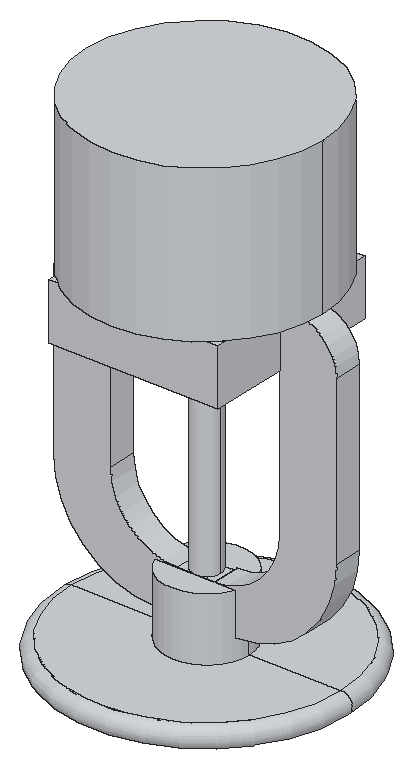
Revit family
Parameters (values of type "RASCO F1FR-EC PENDENT")
  Temperature Rating = 135 °F
  Response = 1
  RASCO SIN # = "R4842"
  RASCO Part # = "F1FREC1LW"
  Pressure Rating = "300 PSI"
  Pressure Class = 1
  Orifice Size = 17/32"
  Orifice = (empty or 0)
  Model = "F1FR"
  Manufacturer = "RASCO"
  K-Factor = 8
  Description = "White Finish"
  Coverage = 1
Reference planes (in)
  plane 1 "Center (Front/Back)": y = 0
  plane 2: z = 0
  plane 3 "Center (Left/Right)": x = 0
Dimensions and locks (in)
  aligned and locked: plane 2 to level
Nested families (in)
  nested 1: "F1FREC1LW" at (-0.01148, -1.2509, 2.4375) x (-1, 0, 0) z (0, 0, -1), type "RASCO F1FR-EC PENDENT"
Connectors (in)
  piping at (-0.01148, -1.2509, 2.4375)
    settings: on nested 1, index 1, connector radius 17/32", flow factor 0, pipe flow 0 GPM, pressure drop 0.00 psi, fitting loss kfactor 0, connector angle 0.00°, fixture units 0, flow configuration 0, flow direction 0, fitting loss method 0, system type 7, connector reference index -1, connector utility 0, adjustable connector no, is connector primary yes, fitting loss table "", connector description ""
Definition of nested family "F1FREC1LW"
  Parameters (values of type "RASCO F1FR-300 PENDENT")
    Type Comments = ""
    Temperature Rating = 0 °F
    Response = (empty or 0)
    Pressure Rating = "0"
    Pressure Class = (empty or 0)
    Orifice Size = 0"
    Orifice = (empty or 0)
    Model = ""
    Manufacturer = ""
    K-Factor = 0
    Description = ""
    Coverage = (empty or 0)
    Assembly Code = ""
  Reference planes (in)
    plane 1 "Center (Front/Back)": y = 0
    plane 2: z = 0
    plane 3 "ref.2": z = 0.6875
    plane 4 "ref.3": z = 0.9375
    plane 5: x = -0.38065
    plane 6: x = 0.36935
    plane 7 "ref. side 1": y = 0.06402
    plane 8 "ref. side 2": y = -0.06098
    plane 9 "ref.4": z = 1.875
    plane 10 "ref.5": z = 2.3125
    plane 11 "ref.6": z = 2.4375
  Forms (in)
    Extrusion 1, solid
      sketch origin (0, 0, 0) x (1, 0, 0) y (0, 1, 0)
        loop
          circle (0, 0) r 0.5221
      from 0 to 0.6875
    Extrusion 2, solid
      sketch origin (-0.12185, 0.05177, 0.6875) x (1, 0, 0) y (0, 1, 0)
        loop
          line (-0.2588, 0.356) -> (-0.2588, -0.4565) -> (0.4912, -0.4565) -> (0.4912, 0.356) -> (-0.2588, 0.356)
      from 0 to 0.25
    Extrusion 3, solid
      sketch origin (0, 0, 0) x (1, 0, 0) y (0, 0, 1)
        loop
          line (-0.38065, 0.69674) -> (-0.38065, 1.58397)
          arc (-0.38065, 1.58397) -> (-0.29541, 1.78976) -> (-0.08962, 1.875) r 0.29103
          line (-0.08962, 1.875) -> (0.07524, 1.875)
          arc (0.07524, 1.875) -> (0.28321, 1.78886) -> (0.36935, 1.58089) r 0.29411
          line (0.36935, 1.58089) -> (0.36935, 0.69728)
          arc (0.36935, 0.69728) -> (0.54046, 0.72329) -> (0.61935, 0.87734) r 0.18984
          line (0.61935, 0.87734) -> (0.61935, 1.61676)
          arc (0.61935, 1.61676) -> (0.48879, 1.93194) -> (0.17361, 2.0625) r 0.44574
          line (0.17361, 2.0625) -> (-0.18509, 2.0625)
          arc (-0.18509, 2.0625) -> (-0.50015, 1.932) -> (-0.63065, 1.61694) r 0.44556
          line (-0.63065, 1.61694) -> (-0.63065, 0.87876)
          arc (-0.63065, 0.87876) -> (-0.55196, 0.72414) -> (-0.38065, 0.69674) r 0.19126
      from -0.06402 to 0.06098
    Extrusion 4, solid
      sketch origin (0, 0, 0.9375) x (-1, 0, 0) y (0, -1, 0)
        loop
          circle (0.00574, -0.00152) r 0.0625
      from 0 to 0.9375
    Extrusion 5, solid
      sketch origin (0, 0, 1.875) x (-1, 0, 0) y (0, -1, 0)
        loop
          circle (0.00574, -0.00152) r 0.1875
      from 0 to 0.4375
    Revolve 6, solid
      sketch origin (0, 0, -0.2777) x (1, 0, 0) y (0, 0, 1)
        loop
          line (-0.19324, 2.43178) -> (-0.19324, 2.52696) -> (-0.60258, 2.52696)
          arc (-0.60258, 2.52696) -> (-0.65017, 2.47937) -> (-0.60258, 2.43178) r 0.04759
          line (-0.60258, 2.43178) -> (-0.19324, 2.43178)
        axis (-0.00574, 2.43178) -> (-0.00574, 2.52696)
      angle from 0 to 360
  Cuts and joins
    joined: Extrusion 1, Extrusion 2, Extrusion 4, Revolve 6
  Lines and regions (in)
    model lines
      curve 1: line (-0.00574, 0.06402, 1.875) -> (-0.00574, -0.06098, 1.875)
  Dimensions and locks (in)
    Extrusion 3 to Extrusion 3 = 0' - 1 1/4"
    Extrusion 5 to cut or joined group of Extrusion 1, Extrusion 2, Extrusion 4, Revolve 6 = 0' - 2 5/16"
